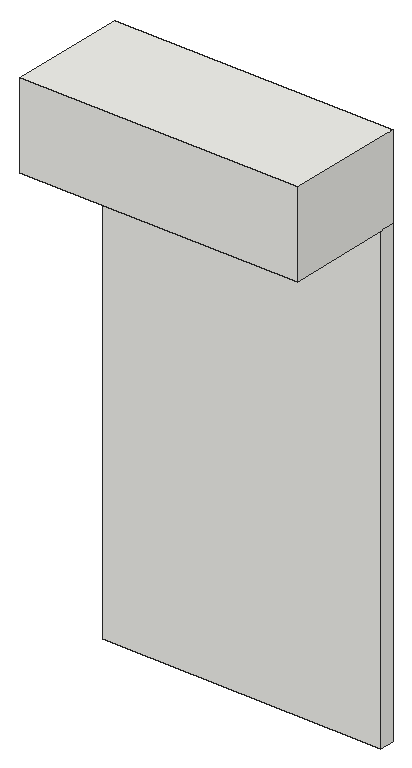
Revit family "SD1_SD2_鐵捲門(甲種)1", category 門, Revit 2014
Parameters (values of type "150 x 250 cm 2")
  熱阻 (R) = 0.270117 (m²·K)/W
  Visual Light Transmittance = 0
  厚度 = 76.00 mm
  Solar Heat Gain Coefficient = 0
  營造類型 Id = "MDOOR"
  高度 = 2500.00 mm
  牆封閉 = 依主體
  寬度 = 1500.00 mm
  傳熱係數 (U) = 3.7021 W/(m²·K)
  功能 = 室外
  門材質 = 金屬 - 油漆塗層 - 象牙白,霧面
  解析營造 = "金屬"
Types (2, lengths in mm): name | 寬度
  150 x 250 cm 2 | 1500.00
  350 x 250 cm 2 | 3500.00
Reference planes
  plane 1: y = 0
  plane 2: z = 0
  plane 3: x = 0
  plane 4: x = -750
  plane 5: x = 750
  plane 6: z = 2500
  plane 7: z = 2957.2
  plane 8: x = -953.2
  plane 9: x = 953.2
Forms (mm)
  Extrusion 1, solid, material "金屬 - 油漆塗層 - 象牙白,霧面" <- "門材質"
    sketch origin (0, 0, 0) x (1, 0, 0) y (0, 1, 0)
      loop
        line (-750, -76.2) -> (-750, -152.2) -> (750, -152.2) -> (750, -76.2) -> (-750, -76.2)
    from 0 to 2500
  Extrusion 2, solid, material "金屬 - 油漆塗層 - 象牙白,霧面"
    sketch origin (-750, -152.2, 2500) x (0, 0, -1) y (1, 0, 0)
      loop
        line (-457.2, 0) -> (0, 0) -> (0, 1500) -> (-457.2, 1500) -> (-457.2, 0)
    from -76 to 558.8
Lines and regions (mm)
  Opening 1
    outline origin (-3302, -76.2, 0) x (1, 0, 0) y (0, 0, 1)
      loop
        line (2552, 0) -> (4052, 0) -> (4052, 2500) -> (2552, 2500) -> (2552, 0)
  model lines, style "DoorsPanelProjection"
    curve 1: line (750, -76.2, 0) -> (-750, -76.2, 0)
    curve 2: line (750, -76.2, 2321.429) -> (-750, -76.2, 2321.429)
    curve 3: line (-750, -76.2, 2142.857) -> (750, -76.2, 2142.857)
    curve 4: line (-750, -76.2, 1964.286) -> (750, -76.2, 1964.286)
    curve 5: line (-750, -76.2, 1785.714) -> (750, -76.2, 1785.714)
    curve 6: line (-750, -76.2, 1607.143) -> (750, -76.2, 1607.143)
    curve 7: line (-750, -76.2, 1428.571) -> (750, -76.2, 1428.571)
    curve 8: line (-750, -76.2, 1250) -> (750, -76.2, 1250)
    curve 9: line (-750, -76.2, 1071.429) -> (750, -76.2, 1071.429)
    curve 10: line (-750, -76.2, 892.857) -> (750, -76.2, 892.857)
    curve 11: line (-750, -76.2, 714.286) -> (750, -76.2, 714.286)
    curve 12: line (-750, -76.2, 535.714) -> (750, -76.2, 535.714)
    curve 13: line (-750, -76.2, 357.143) -> (750, -76.2, 357.143)
    curve 14: line (-750, -76.2, 178.571) -> (750, -76.2, 178.571)
  symbolic lines, style "立面圖打開方向"
    curve 15: line (-750, -76.2, 0) -> (750, -76.2, 0)
    curve 16: line (-750, -76.2, 0) -> (-750, -711, 0)
    curve 17: line (-750, -711, 0) -> (750, -711, 0)
    curve 18: line (750, -76.2, 0) -> (750, -711, 0)
Text (mm)
  text "外部" at (-1476.603, 1269.773, 0), in view "樓板線"
  text "外部" at (0, 888.654, 3134.195), in view "右"
Dimensions and locks
  equal spacing: plane 4, plane 3, plane 5
  "寬度": plane 4 to plane 5
  "高度": plane 2 to plane 6
  "厚度": Extrusion 1 sketch curve to Extrusion 1 sketch curve
  locked: plane 7 to plane 6 at 457.2
  equal spacing: host wall, curve 14, curve 13, curve 12, curve 11, curve 10, curve 9, curve 8, curve 7, curve 6, curve 5, curve 4, curve 3, curve 2, plane 6
  level to host wall = 4600.00 mm
  aligned and locked: plane 4 to Opening 1 sketch curve
  aligned and locked: plane 6 to Opening 1 sketch curve  (x2)
  aligned and locked: Opening 1 sketch curve to plane 5
  aligned and locked: Opening 1 sketch curve to level
  aligned and locked: host wall to Extrusion 1 sketch curve
  aligned and locked: plane 5 to curve 1
  aligned and locked: plane 4 to curve 1
  aligned and locked: Extrusion 1 to level
  aligned and locked: Extrusion 1 to host wall
  aligned and locked: plane 7 to Extrusion 2 sketch curve
  aligned and locked: plane 6 to Extrusion 2 sketch curve
  aligned and locked: Extrusion 2 to Extrusion 1
  aligned and locked: Extrusion 1 to curve 2
  aligned and locked: curve 2 to Extrusion 1
  aligned and locked: plane 4 to curve 3
  aligned and locked: plane 5 to curve 3
  aligned and locked: plane 4 to curve 4
  aligned and locked: Extrusion 1 to curve 4
  aligned and locked: curve 5 to Extrusion 1
  aligned and locked: Extrusion 1 to curve 5
  aligned and locked: curve 6 to Extrusion 1
  aligned and locked: Extrusion 1 to curve 6
  aligned and locked: plane 4 to curve 7
  aligned and locked: Extrusion 1 to curve 7
  aligned and locked: plane 4 to curve 8
  aligned and locked: Extrusion 1 to curve 8
  aligned and locked: plane 4 to curve 9
  aligned and locked: plane 5 to curve 9
  aligned and locked: plane 4 to curve 10
  aligned and locked: Extrusion 1 to curve 10
  aligned and locked: curve 11 to Extrusion 1
  aligned and locked: Extrusion 1 to curve 11
  aligned and locked: curve 12 to Extrusion 1
  aligned and locked: Extrusion 1 to curve 12
  aligned and locked: plane 4 to curve 13
  aligned and locked: plane 5 to curve 13
  aligned and locked: plane 4 to curve 14
  aligned and locked: plane 5 to curve 14
  aligned and locked: Extrusion 2 to plane 5
  aligned and locked: plane 4 to Extrusion 2
  aligned and locked: plane 4 to curve 16
  aligned and locked: plane 5 to curve 18
Automatic sketch dimensions
  Extrusion 1 sketch curve to plane 4 = 0.00 mm
  Extrusion 1 sketch curve to plane 5 = 0.00 mm
  curve 1 to level = 0.00 mm
  host wall to curve 16 = 0.00 mm
  host wall to curve 18 = 634.80 mm
  Extrusion 2 sketch curve to Extrusion 1 = 0.00 mm  (x2)
